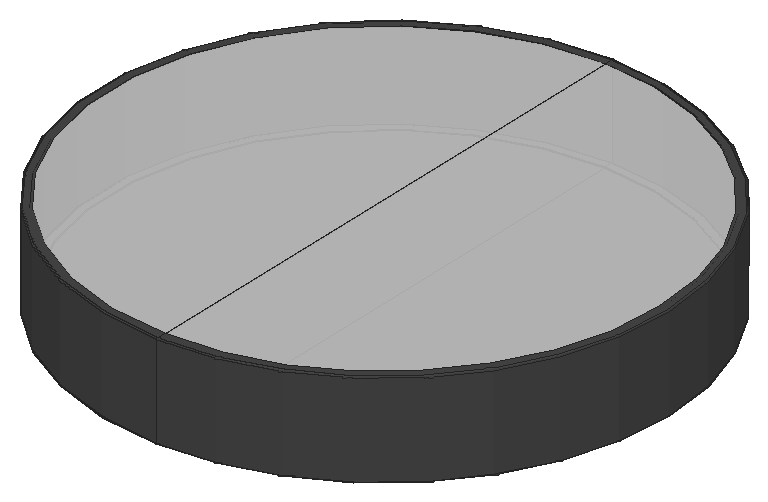
Revit family "AFX-Bailey-Flush_Mount-1", category Lighting Fixtures, host Face, Revit 2021
Family settings
  Host = Face
  Round Connector Dimension = Use Diameter
  Part Type = Normal
  Cut with Voids When Loaded = No
  Light Source = Yes
  Shared = No
  Room Calculation Point = No
Parameters (values of type "BAYF24LAJUDBK")
  Wattage Comments = "35w"
  Wattage = 35 W
  built-in parameter 1150110 = 1 (stored number, unit not read)
  Voltage = 120 V
  URL = "https://www.afxinc.com/"
  Type Comments = "Bailey"  # constant formula
  built-in parameter 1114217 = 1 (stored number, unit not read)
  Tilt Angle = 90.00°
  built-in parameter 1150109 = 1 (stored number, unit not read)
  built-in parameter 1150134 = (empty or 0)
  Sustainability = "https://lamprecycle.org/en/"
  built-in parameter 1150113 = 1 (stored number, unit not read)
  Revit Model Built By = "https://www.servex-us.com/servex-revit/"
  Product Documentation Link = "https://www.afxinc.com/products/productDetail.cfm?productID=1842"
  Power Factor = 1
  Photometric Web File = "BAYF24LAJUDxx_3000K_IES.IES"
  Model = "BAYF24LAJUDBK"
  Manufacturer = "AFX Inc"  # constant formula
  built-in parameter 1150105 = 25583.6 (stored number, unit not read)
  Lumens = 73500 lm
  built-in parameter 1150115 = 1 (stored number, unit not read)
  built-in parameter 1150137 = (empty or 0)
  built-in parameter 1150139 = (empty or 0)
  built-in parameter 1150112 = 1 (stored number, unit not read)
  built-in parameter 1150114 = 1 (stored number, unit not read)
  L = Diameter / 2  # 12"
  Keynote = "12500"
  built-in parameter 1150132 = (empty or 0)
  built-in parameter 1150102 = (empty or 0)
  built-in parameter 1150107 = 3000 (stored number, unit not read)
  built-in parameter 1150138 = (empty or 0)
  built-in parameter 1150106 = 255.84 (stored number, unit not read)
  Emit from Circle Diameter = (Diameter) - 3/4"  # 23 1/4"
  Diffuser Finish = AFX - Acrylic
  Emit Shape Visible in Rendering = yes
  built-in parameter 1150104 = 195.1 (stored number, unit not read)
  Dimming Lamp Color Temperature Shift = <None>
  Diameter = 24"
  Description = "LED Flush Mount - 24\"Dia x 4\"D"
  Depth = 4"
  Default Elevation = 48"
  Colour Rendering Index = "90"
  Color Filter = 16777215
  Body Finish = AFX - Paint Finish Black
  built-in parameter 1114218 = 1 (stored number, unit not read)
  built-in parameter 1150133 = 10 (stored number, unit not read)
  Assembly Code = "D5020200"
  Apparent Load = 0 VA
Types (2): name | Wattage Comments | Wattage | Product Documentation Link | Photometric Web File | Model | built-in parameter 1150105 | Lumens | L | built-in parameter 1150106 | Emit from Circle Diameter | built-in parameter 1150104 | Diameter | Description
  BAYF24LAJUDBK | "35w" | 35 W | "https://www.afxinc.com/products/productDetail.cfm?productID=1842" | "BAYF24LAJUDxx_3000K_IES.IES" | "BAYF24LAJUDBK" | 25583.6 (stored number, unit not read) | 73500 lm | 12" | 255.84 (stored number, unit not read) | 23 1/4" | 195.1 (stored number, unit not read) | 24" | "LED Flush Mount - 24\"Dia x 4\"D"
  BAYF30LAJUDBK | "45w" | 45 W | "https://www.afxinc.com/products/productDetail.cfm?productID=1846" | "BAYF30LAJUDBK_3000K IES.IES" | "BAYF30LAJUDBK" | 41722.9 (stored number, unit not read) | 121500 lm | 15" | 417.23 (stored number, unit not read) | 29 1/4" | 250.84 (stored number, unit not read) | 30" | "LED Flush Mount - 30\"Dia x 4\"D"
Reference planes (in)
  plane 1 "Center (Front/Back)": y = 0
  plane 2: z = 0
  plane 3 "Center (Left/Right)": x = 0
  plane 4: z = 4
  plane 5: x = -12
  plane 6: x = 12
  plane 7: y = -12
  plane 8: y = 12
  plane 9: z = 2.5
Forms (in)
  Revolve 1, solid, material "AFX - Paint Finish Black" <- "Body Finish"
    sketch origin (0, 0, 0) x (0, 1, 0) y (0, 0, 1)
      loop
        line (11.94162, 4) -> (11.59375, 4) -> (11.59375, 3.96875) -> (11.96875, 3.96875) -> (11.96875, 0.0827) -> (11.60444, 0.0827) -> (11.60444, 0.05145) -> (11.9375, 0.05145) -> (11.9375, 0) -> (11.97489, 0)
        arc (11.97489, 0) -> (11.99265, 0.00735) -> (12, 0.02511) r 0.02511
        line (12, 0.02511) -> (12, 3.94162)
        arc (12, 3.94162) -> (11.9829, 3.9829) -> (11.94162, 4) r 0.05838
      axis (0, 4) -> (0, 0)
    angle from 0 to 360
  Revolve 2, solid, material "AFX - Paint Finish Black" <- "Body Finish"
    sketch origin (0, 0, 0) x (0, 1, 0) y (0, 0, 1)
      loop
        line (11.75, 0.05145) -> (0, 0.05145) -> (0, 0.0202) -> (11.75, 0.0202) -> (11.75, 0.05145)
      axis (0, 0.05145) -> (0, 0.01208)
    angle from 0 to 360
  Revolve 3, solid, material "AFX - Acrylic" <- "Diffuser Finish"
    sketch origin (0, 0, 0) x (0, 1, 0) y (0, 0, 1)
      loop
        line (11.6875, 3.9375) -> (0, 3.9375) -> (0, 3.90625) -> (11.6875, 3.90625) -> (11.6875, 3.9375)
      axis (0, 3.9375) -> (0, 3.89813)
    angle from 0 to 360
Lines and regions (in)
  symbolic lines
    curve 1: circle (0, 0, 0) r 12 normal (0, 0, 1)
    curve 2: arc (0, 11.75, 0) -> (-11.75, 0, 0) -> (0, -11.75, 0) r 11.75
    curve 3: arc (0, -11.75, 0) -> (11.75, 0, 0) -> (0, 11.75, 0) r 11.75
    curve 4: arc (0, -11.9375, 0) -> (11.9375, 0, 0) -> (0, 11.9375, 0) r 11.9375
    curve 5: arc (0, 11.9375, 0) -> (-11.9375, 0, 0) -> (0, -11.9375, 0) r 11.9375
Dimensions and locks (in)
  "Depth": plane 4 to plane 2
  equal spacing: plane 5, plane 3 "Center (Left/Right)", plane 6
  "Diameter": plane 5 to plane 6
  equal spacing: plane 8, plane 1 "Center (Front/Back)", plane 7
  "Diameter": plane 7 to plane 8
  plane 8 to Revolve 1 sketch curve to Revolve 1 sketch curve to Revolve 1 sketch curve = 1/32" locked, 0.02713" locked, 0.34787" locked
  plane 8 to Revolve 1 sketch curve to Revolve 1 sketch curve to Revolve 1 sketch curve = 0.02511" locked, 0.03739" locked, 0.33306" locked
  Revolve 1 sketch curve to Revolve 1 sketch curve to Revolve 1 sketch curve to plane 2 = 1/32" locked, 0.02634" locked, 0.02511" locked
  Revolve 1 sketch curve to Revolve 1 sketch curve to plane 4 = 0.02713" locked, 1/32" locked
  locked: plane 8 to Revolve 2 sketch curve at 0.25
  plane 2 to Revolve 2 sketch curve to Revolve 2 sketch curve = 0.0202" locked, 1/32" locked
  Revolve 3 sketch curve to Revolve 3 sketch curve to plane 4 = 1/32" locked, 1/16" locked
  locked: plane 8 to Revolve 3 sketch curve at 0.3125
  locked: plane 9 to plane 2 at 2.5
  "L": radius of curve 1
  aligned and locked: plane 2 to host face
  aligned and locked: level to host face
  aligned and locked: Revolve 1 sketch curve to plane 1 "Center (Front/Back)"
  aligned and locked: plane 8 to Revolve 1 sketch curve
  aligned and locked: Revolve 1 sketch curve to plane 4
  aligned and locked: Revolve 2 sketch curve to plane 1 "Center (Front/Back)"
  aligned and locked: plane 1 "Center (Front/Back)" to Revolve 2 sketch curve
  aligned and locked: Revolve 3 sketch curve to plane 1 "Center (Front/Back)"  (x2)
  aligned and locked: plane 3 "Center (Left/Right)" to imposter light
  aligned and locked: imposter light to plane 1 "Center (Front/Back)"
  aligned and locked: imposter light to plane 9
  aligned and locked: curve 2 to Revolve 2
  aligned and locked: curve 3 to Revolve 2
  aligned and locked: curve 4 to Revolve 1
  aligned and locked: curve 5 to Revolve 1
Automatic sketch dimensions
  host sketch curve to host sketch curve = 96"  (x2)
  Revolve 1 sketch curve to level = 3 1/2"
  plane 4 to Revolve 1 sketch curve = 3"
  Revolve 2 sketch curve to Revolve 2 sketch curve = 1.5202"
  Revolve 2 sketch curve to Revolve 2 sketch curve = 0.94855"
  Revolve 3 sketch curve to Revolve 3 sketch curve = 0.27255"
  plane 4 to Revolve 3 sketch curve = 0.3837"
  curve 1 to curve 2 = 0"  (x2)
Connectors (in)
  electrical at (0, 0, 0), driven by "Voltage", driven by "Apparent Load", driven by "Power Factor"
    settings: on Revolve 1, index 1, voltage 120 V, apparent load 0 VA, apparent load phase1 0 VA, apparent load phase2 0 VA, apparent load phase3 0 VA, power factor 1, load classification "Lighting", number of poles 1, system type 31, power factor state 1, is connector primary yes, connector utility no, sub classification motor no, connector description ""
